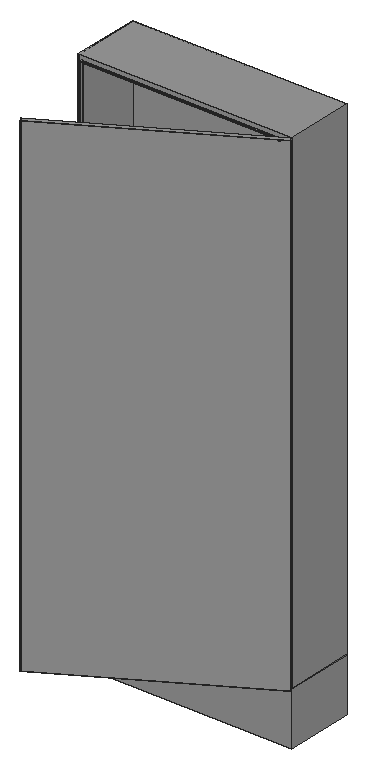
Revit family "Hager-Univers-IP55-D275-H2050-Cl.II-Steel_encl-NoHosted-PT-pt", category Electrical Equipment, Revit 2020
Family settings
  Panel Configuration = Two Columns, Circuits Across
  Round Connector Dimension = Use Diameter
  Part Type = Panelboard
  Work Plane-Based = Yes
  Always vertical = Yes
  Cut with Voids When Loaded = No
  Shared = No
  Room Calculation Point = No
Parameters (values of type "Instalação de piso IP55 L800 A2050 P275  - FR23S2")
  Width Control [instance] = if([EF000008 - Largura] > Min Width, [EF000008 - Largura], Min Width)  # 800 mm
  Type Comments = [HG000003 - Gama]  # "Univers"
  Thickness Door [instance] = if([EF009171 - Espessura do material da porta/tampa] > 3 mm, 3 mm, [EF009171 - Espessura do material da porta/tampa])  # 1.5 mm
  Seal Frame Offset [instance] = 17 mm  # constant formula
  Plinth Visibility [instance] = [HG000027 - Altura da Plinta] > 0 mm  # yes
  Min Width [instance] = 100 mm  # constant formula
  Min Depth [instance] = (2 * [EF009170 - Espessura do material do invólucro]) + 1 mm  # 4 mm
  Min Height [instance] = 100 mm  # constant formula
  Internal Frame Depth [instance] = (Door System Depth * 0.5)  # 9 mm
  Panel Name [instance] = ""  # (empty or 0)
  Model = ""
  HG000027 - Altura da Plinta = 200 mm
  HG000026 - Instalação no chão = yes
  HG000024 - Altura da secção inferior = 600 mm
  HG000023 - Recinto de secção dupla = no
  HG000016 - Visibilidade da porta 3D [instance] = yes
  HG000015 - Visibilidade através da porta [instance] = no
  HG000014 - Porta à direita [instance] = yes
  HG000013 - Porta à esquerda [instance] = not([HG000014 - Porta à direita])  # no
  HG000012 - Ângulo de abertura de porta [instance] = 30.00°
  HG000010 - Portas assimétricas = no
  HG000009 - Porta dupla = no
  HG000006 - Encastrado = no
  HG000004 - Referência do Fabricante = "FR23S2"
  HG000003 - Gama = "Univers"
  HG000002 - Com porta ou tampa = yes
  Frame Offset Bottom [instance] = 10 mm  # constant formula
  Frame Offset [instance] = 15 mm  # constant formula
  EF015940 - Tampa com libertação de sobrepressão = no
  EF011959 - Grau de proteção (NEMA) = ""
  EF009554 - Número de aberturas para placas de flange = 6
  EF009212 - Tipo de tampa = "EV000116 - Fechado"
  EF009171 - Espessura do material da porta/tampa = 1.5 mm
  EF009170 - Espessura do material do invólucro = 1.5 mm
  EF008873 - Corrente nominal (In) = 800 A
  EF007800 - Adequado para proteção contra raios = no
  EF006306 - Com fecho = no
  EF006244 - Tampa/porta transparente = no
  EF005474 - Grau de proteção (IP) = "EV006420 - IP55"
  EF004464 - Tipo de porta = "EV002646 - Único"
  EF004427 - Número de módulos = 432
  EF004293 - Força de impacto = "EV008784 - IK10"
  EF003532 - Adequado para uso no exterior = no
  EF002950 - Largura em número de módulos = 24
  EF001613 - Integridade do circuito = "EV000494 - Nenhum"
  EF001596 - Material do corpo = "EV000179 - Aço"
  EF001131 - Profundidade interior = 275 mm
  EF001088 - Extensão possível = yes
  EF000437 - Número de entradas de condutores = 6
  EF000339 - Tipo de difusor = "EV004216 - Porta"
  EF000266 - Número de linhas = 12
  EF000218 - Profundidade incorporada = 0 mm
  EF000118 - Com tampa de montagem = no
  EF000116 - Número RAL = "7035"
  EF000049 - Profundidade = 275 mm
  EF000040 - Altura = 2050 mm
  EF000008 - Largura = 800 mm
  EF000007 - Cor = "EV000270 - Cinzento"
  EF000003 - Método de montagem = "EV012274 - Instalação de piso"
  Door System Leaf Tolerance [instance] = 1.5 mm  # constant formula
  Door System Depth [instance] = 18 mm  # constant formula
  Door Height [instance] = Height Control - [HG000027 - Altura da Plinta]  # 1850 mm
  Description = ""
  Default Elevation = 1219.2 mm
  Connector Offset [instance] = Height Control / 2  # 1025 mm
  Manufacturer = "Hager"  # constant formula
  Height Control [instance] = if([EF000040 - Altura] > Min Height, [EF000040 - Altura], Min Height)  # 2050 mm
  Depth Control [instance] = if([EF000049 - Profundidade] > Min Depth, [EF000049 - Profundidade], Min Depth)  # 275 mm
  Bottom Top Plate Trim [instance] = 1.5 mm  # constant formula
  Plinth height Ctrl [instance] = if([HG000027 - Altura da Plinta] > 0 mm, [HG000027 - Altura da Plinta], 12 mm)  # 200 mm
Types (11, lengths in mm): name | Width Control | HG000010 - Portas assimétricas | HG000009 - Porta dupla | HG000004 - Referência do Fabricante | EF009554 - Número de aberturas para placas de flange | EF006244 - Tampa/porta transparente | EF004464 - Tipo de porta | EF004427 - Número de módulos | EF000437 - Número de entradas de condutores | EF000008 - Largura
  Instalação de piso IP55 L1050 A2050 P275  - FR24L2 | 1050 | yes | yes | "FR24L2" | 8 | yes | "EV003602 - Duplo" | 576 | 8 | 1050
  Instalação de piso IP55 L1050 A2050 P275  - FR24S2 | 1050 | yes | yes | "FR24S2" | 8 | no | "EV003602 - Duplo" | 576 | 8 | 1050
  Instalação de piso IP55 L1300 A2050 P275  - FR25L2 | 1300 | yes | yes | "FR25L2" | 10 | yes | "EV003602 - Duplo" | 720 | 10 | 1300
  Instalação de piso IP55 L1300 A2050 P275  - FR25S2 | 1300 | yes | yes | "FR25S2" | 10 | no | "EV003602 - Duplo" | 720 | 10 | 1300
  Instalação de piso IP55 L1550 A2050 P275  - FR26L2 | 1550 | yes | yes | "FR26L2" | 12 | yes | "EV003602 - Duplo" | 864 | 12 | 1550
  Instalação de piso IP55 L1550 A2050 P275  - FR26S2 | 1550 | yes | yes | "FR26S2" | 12 | no | "EV003602 - Duplo" | 864 | 12 | 1550
  Instalação de piso IP55 L300 A2050 P275  - FR21S2 | 300 | no | no | "FR21S2" | 2 | no | "EV002646 - Único" | 144 | 2 | 300
  Instalação de piso IP55 L550 A2050 P275  - FR22L2 | 550 | no | no | "FR22L2" | 4 | yes | "EV002646 - Único" | 288 | 4 | 550
  Instalação de piso IP55 L550 A2050 P275  - FR22S2 | 550 | no | no | "FR22S2" | 4 | no | "EV002646 - Único" | 288 | 4 | 550
  Instalação de piso IP55 L800 A2050 P275  - FR23L2 | 800 | no | no | "FR23L2" | 6 | yes | "EV002646 - Único" | 432 | 6 | 800
  Instalação de piso IP55 L800 A2050 P275  - FR23S2 | 800 | no | no | "FR23S2" | 6 | no | "EV002646 - Único" | 432 | 6 | 800
Reference planes
  plane 1 "Center (Front/Back)": y = 0
  plane 2: z = 0
  plane 3 "Center (Left/Right)": x = 0
  plane 4: y = 0
  plane 5: y = 0
  plane 6: z = 0
  plane 7: x = -400
  plane 8: x = 400
  plane 9: x = 398.5
  plane 10: x = -398.5
  plane 11: z = 200
  plane 12: z = 201.5
  plane 13: y = -275
  plane 14: y = -1.5
  plane 15: x = 0
  plane 16: y = -257
  plane 17: y = -273.5
  plane 18: y = -255.5
  plane 19: x = -383.5
  plane 20: x = 383.5
  plane 21: z = 211.5
  plane 22: x = -383
  plane 23: x = 383
  plane 24: z = 200
  plane 25: z = 2050
  plane 26: z = 2050
  plane 27: z = 2033.5
  plane 28: z = 2048.5
Forms (mm)
  Extrusion 1, solid, material "Hager_Steel_RAL7035_Light_Grey", detail levels medium+fine
    sketch origin (-208.679, -4572, 200) x (-1, 0, 0) y (0, -1, 0)
      loop
        line (191.321, -4315) -> (-608.679, -4315) -> (-608.679, -4572) -> (191.321, -4572) -> (191.321, -4315)
    from 0 to 1850
  Extrusion 2, void
    sketch origin (-350.771, -275, 1219.2) x (1, 0, 0) y (0, 0, 1)
      loop
        line (-47.729, 829.3) -> (-47.729, -1017.7) -> (749.271, -1017.7) -> (749.271, 829.3) -> (-47.729, 829.3)
    from -19.5 to -273.5
  Extrusion 3, void
    sketch origin (-290.084, -257, 1219.2) x (1, 0, 0) y (0, 0, 1)
      loop
        line (-93.416, -1007.7) -> (673.584, -1007.7) -> (673.584, 814.3) -> (-93.416, 814.3) -> (-93.416, -1007.7)
    from 0 to -1.5
  Extrusion 4, solid, material "Hager_Steel_RAL7035_Light_Grey", visible <- "Plinth Visibility", detail levels medium+fine
    sketch origin (0, 0, 0) x (1, 0, 0) y (0, 1, 0)
      loop
        line (-400, 0) -> (-400, -257) -> (400, -257) -> (400, 0) -> (-400, 0)
    from 0 to 200 <- "Plinth height Ctrl"
  Extrusion 5, solid, material "Hager_Steel_RAL7035_Light_Grey", detail levels coarse
    sketch origin (0, 0, 0) x (1, 0, 0) y (0, 1, 0)
      loop
        line (-400, 0) -> (-400, -275) -> (400, -275) -> (400, 0) -> (-400, 0)
    from 0 to 2050 <- "Height Control"
  Sweep 6, void
    path in 3D
      loop
        line (-400, -257, 200) -> (400, -257, 200) -> (400, 0, 200) -> (-400, 0, 200) -> (-400, -257, 200)
    profile origin (-400, -128.5, 200) x (1, 0, 0) y (0, 0, 1)
      loop
        line (0, 0) -> (0, -1.5) -> (1.5, -1.5)
        arc (1.5, -1.5) -> (1.061, -0.439) -> (0, 0) r 1.5
  Extrusion 7, solid, material "Hager_Steel_RAL7035_Light_Grey", detail levels fine
    sketch origin (-400, -257, 200) x (1, 0, 0) y (0, 0, 1)
      loop
        line (16.5, 11.5) -> (783.5, 11.5) -> (783.5, 1833.5) -> (16.5, 1833.5) -> (16.5, 11.5)
      loop
        line (15, 10) -> (785, 10) -> (785, 1835) -> (15, 1835) -> (15, 10)
    from 0 to 9 <- "Internal Frame Depth"
Cuts and joins
  Extrusion 2, Extrusion 3 cuts Extrusion 1
  Sweep 6 cuts Extrusion 4
Lines and regions (mm)
  Masking region 1
    outline origin (0, 0, 0) x (1, 0, 0) y (0, 1, 0)
      loop
        line (-400, 0) -> (-400, -275) -> (400, -275) -> (400, 0) -> (-400, 0)
  Masking region 2, detail levels coarse
    outline origin (-290.084, -257, 1219.2) x (-1, 0, 0) y (0, 0, 1)
      loop
        line (-690.084, -1219.2) -> (109.916, -1219.2) -> (109.916, 830.8) -> (-690.084, 830.8) -> (-690.084, -1219.2)
  Masking region 3, detail levels coarse
    outline origin (0, 0, 0) x (0, 1, 0) y (0, 0, 1)
      loop
        line (0, 0) -> (0, 2050) -> (-275, 2050) -> (-275, 0) -> (0, 0)
  Masking region 4, visible <- "Plinth Visibility", detail levels medium+fine
    outline origin (0, 0, 0) x (0, 1, 0) y (0, 0, 1)
      loop
        line (-1.5, 200) -> (-255.5, 200)
        arc (-255.5, 200) -> (-255.939, 198.939) -> (-257, 198.5) r 1.5
        line (-257, 198.5) -> (-257, 0) -> (0, 0) -> (0, 198.5)
        arc (0, 198.5) -> (-1.061, 198.939) -> (-1.5, 200) r 1.5
  Masking region 5, detail levels medium+fine
    outline origin (0, 0, 594.038) x (0, 1, 0) y (0, 0, 1)
      loop
        line (0, -394.038) -> (0, 1455.962) -> (-257, 1455.962) -> (-257, -394.038) -> (0, -394.038)
  Masking region 6, detail levels medium+fine
    outline origin (-359.7, -257, 1211.883) x (-1, 0, 0) y (0, 0, 1)
      loop
        line (-759.7, -1011.883) -> (40.3, -1011.883) -> (40.3, 838.117) -> (-759.7, 838.117) -> (-759.7, -1011.883)
  Masking region 7, visible <- "Plinth Visibility", detail levels medium+fine
    outline origin (-320.334, -257, 1041.368) x (-1, 0, 0) y (0, 0, 1)
      loop
        line (-720.334, -1041.368) -> (79.666, -1041.368) -> (79.666, -842.868)
        arc (79.666, -842.868) -> (78.606, -842.429) -> (78.166, -841.368) r 1.5
        line (78.166, -841.368) -> (-718.834, -841.368)
        arc (-718.834, -841.368) -> (-719.273, -842.429) -> (-720.334, -842.868) r 1.5
        line (-720.334, -842.868) -> (-720.334, -1041.368)
  sketch lines
    curve 1: line (-400, 0, 200) -> (-400, -257, 200)
    curve 2: line (-400, -257, 200) -> (400, -257, 200)
    curve 3: line (400, 0, 200) -> (-400, 0, 200)
    curve 4: line (400, -257, 200) -> (400, 0, 200)
Dimensions and locks
  locked: plane 1 "Center (Front/Back)" to plane 5
  "EF009170 - Espessura do material do invólucro": plane 7 to plane 10
  "EF009170 - Espessura do material do invólucro": plane 8 to plane 9
  equal spacing: plane 7, plane 3 "Center (Left/Right)", plane 8
  "Width Control": plane 7 to plane 8
  "Depth Control": plane 4 to plane 13
  "EF009170 - Espessura do material do invólucro": plane 4 to plane 14
  "Height Control": plane 25 to level
  "HG000027 - Altura da Plinta": plane 11 to level
  "EF009170 - Espessura do material do invólucro": plane 12 to plane 11
  "EF009170 - Espessura do material do invólucro": plane 17 to plane 13
  "EF009170 - Espessura do material do invólucro": plane 18 to plane 16
  "Frame Offset Bottom": plane 21 to plane 12
  "Frame Offset": plane 10 to plane 19
  "Frame Offset": plane 9 to plane 20
  "Door System Depth": plane 16 to plane 13
  "Seal Frame Offset": plane 7 to plane 22
  "Seal Frame Offset": plane 8 to plane 23
  "EF009170 - Espessura do material do invólucro": plane 26 to plane 28
  "Frame Offset": plane 28 to plane 27
  "Connector Offset": plane 2 to connector elem
  "Bottom Top Plate Trim": profile plane to Sweep 6 sketch curve
  "Bottom Top Plate Trim": Sweep 6 sketch curve to Sweep 6 sketch curve
  "Plinth height Ctrl": Masking region 4 sketch curve to level
  "Plinth height Ctrl": Masking region 7 sketch curve to level
  "Thickness Door": Extrusion 7 sketch curve to Extrusion 7 sketch curve  (x4)
  "Bottom Top Plate Trim": radius of Sweep 6 sketch curve
  "Bottom Top Plate Trim": radius of Masking region 4 sketch curve  (x2)
  "Bottom Top Plate Trim": radius of Masking region 7 sketch curve  (x2)
  aligned and locked: Extrusion 2 sketch curve to plane 12
  aligned and locked: Extrusion 2 sketch curve to plane 9
  aligned and locked: Extrusion 2 sketch curve to plane 10
  aligned and locked: Extrusion 2 to plane 14
  aligned and locked: Extrusion 1 sketch curve to plane 4
  aligned and locked: plane 8 to Extrusion 1 sketch curve
  aligned and locked: plane 7 to Extrusion 1 sketch curve
  aligned and locked: Extrusion 2 to plane 18
  aligned and locked: Extrusion 3 sketch curve to plane 19
  aligned and locked: plane 20 to Extrusion 3 sketch curve
  aligned and locked: Extrusion 3 to Extrusion 2
  aligned and locked: Extrusion 3 sketch curve to plane 21
  aligned and locked: plane 3 "Center (Left/Right)" to nested 1
  aligned and locked: Extrusion 1 sketch curve to plane 16
  aligned and locked: Extrusion 4 sketch curve to cut or joined group of Extrusion 1, Extrusion 2, Extrusion 3
  aligned and locked: Masking region 1 sketch curve to plane 7
  aligned and locked: Masking region 1 sketch curve to plane 5
  aligned and locked: Masking region 1 sketch curve to plane 8
  aligned and locked: Masking region 2 sketch curve to level
  aligned and locked: level to Masking region 3 sketch curve
  aligned and locked: plane 1 "Center (Front/Back)" to Masking region 3 sketch curve
  aligned and locked: plane 13 to Masking region 3 sketch curve
  aligned and locked: plane 5 to Masking region 4 sketch curve
  aligned and locked: Masking region 2 sketch curve to plane 8
  aligned and locked: Masking region 2 sketch curve to plane 7
  aligned and locked: plane 7 to nested 2
  aligned and locked: nested 2 to plane 5
  aligned and locked: plane 5 to Masking region 5 sketch curve
  aligned and locked: plane 26 to Masking region 5 sketch curve
  aligned and locked: Extrusion 5 sketch curve to plane 8
  aligned and locked: Extrusion 5 sketch curve to plane 7
  aligned and locked: Extrusion 5 sketch curve to plane 5
  aligned and locked: Extrusion 3 sketch curve to plane 27
  aligned and locked: Extrusion 2 sketch curve to plane 28
  aligned and locked: Masking region 2 to plane 25
  aligned and locked: Extrusion 4 to plane 16
  aligned and locked: profile plane to Sweep 6 sketch curve
  aligned and locked: Masking region 5 sketch curve to plane 24
  aligned and locked: level to Masking region 4 sketch curve
  aligned and locked: Masking region 1 to plane 13
  aligned and locked: nested 1 to plane 16
  aligned and locked: Masking region 3 to plane 25
  aligned and locked: plane 16 to Masking region 4 sketch curve
  aligned and locked: Masking region 5 sketch curve to plane 16
  aligned and locked: plane 24 to plane 11
  aligned and locked: plane 26 to plane 25
  aligned and locked: plane 26 to cut or joined group of Extrusion 1, Extrusion 2, Extrusion 3
  aligned and locked: nested 1 to plane 24
  aligned and locked: Extrusion 1 to Extrusion 3
  aligned and locked: Masking region 6 sketch curve to plane 8
  aligned and locked: Masking region 6 sketch curve to plane 24
  aligned and locked: Masking region 6 sketch curve to plane 7
  aligned and locked: Masking region 6 sketch curve to plane 26
  aligned and locked: Masking region 7 sketch curve to plane 7
  aligned and locked: level to Masking region 7 sketch curve
  aligned and locked: Masking region 7 sketch curve to plane 8
  aligned and locked: Extrusion 7 sketch curve to cut or joined group of Extrusion 1, Extrusion 2, Extrusion 3  (x4)
Automatic sketch dimensions
  plane 19 to Extrusion 3 sketch curve = 0 mm
  Extrusion 3 sketch curve to plane 20 = 0 mm
  Extrusion 3 sketch curve to plane 21 = 0 mm
  Extrusion 4 sketch curve to plane 7 = 0 mm
  Extrusion 4 sketch curve to plane 8 = 0 mm
  Extrusion 4 sketch curve to plane 16 = 0 mm
  Masking region 1 sketch curve to plane 13 = 0 mm
  Masking region 2 sketch curve to plane 25 = 0 mm
  Masking region 3 sketch curve to plane 25 = 0 mm
  Extrusion 5 sketch curve to plane 13 = 0 mm
  profile plane to Sweep 6 sketch curve = 0 mm
Nested families
  nested 1: "EC000058_Univers_Door" at (0, -257, 200), Double <- "HG000009 - Porta dupla", Transparent <- "EF006244 - Tampa/porta transparente", Angle <- "HG000012 - Ângulo de abertura de porta", Door_Right <- "HG000014 - Porta à direita", Assymetrical <- "HG000010 - Portas assimétricas", Door <- "HG000002 - Com porta ou tampa", Width_Ctrl <- "Width Control", 3d_Door <- "HG000016 - Visibilidade da porta 3D", Clearance <- "HG000015 - Visibilidade através da porta", Door_Left <- "HG000013 - Porta à esquerda", Width <- "Width Control", Door_Depth <- "Door System Depth", Leaf_Tolerance <- "Door System Leaf Tolerance", Height <- "Door Height", Lock_Visibility <- "EF006306 - Com fecho", Thickness <- "Thickness Door", type "EC000058_Univers_Door", detail levels medium+fine
    with min_wh 4 mm, Width_Ctrl 800 mm, Width 800 mm, Transparent no, Thickness 1.5 mm, Seal_Material Hager_Rubber, Lock_Visibility no, Lock_Material Hager_Plastic_RAL9005_Jet_Black, Leaf_Width 800 mm, Leaf_Tolerance_External_Sides 0 mm, Leaf_Tolerance 1.5 mm, Leaf_Offset 0 mm, Leaf_Height 1847 mm, Leaf_2_Width 800 mm, Leaf_2_Offset 400 mm, Leaf_1_Width 800 mm, Leaf_1_Offset 400 mm, Height_Ctrl 1850 mm, Height 1850 mm, Glass_Material Hager_Glass, Double_Clearance_Ctrl no, Double no, Door_Right_Ctrl yes, Door_Right yes, Door_Material Hager_Steel_RAL7035_Light_Grey, Door_Left_Ctrl no, Door_Left no, Door_Depth 18 mm, Door yes, Clearance_Material Hager_Clearance, Clearance_Depth 800 mm, Clearance_Ctrl no, Clearance no, Assymetrical no, Angle 30.00°, 3d_Door yes
  nested 2: "Hager_Enclosure_Symbol" at (-400, 0, 0), Height <- "Depth Control", Width <- "Width Control", type "Hager_Enclosure_Symbol"
    with Width_Ctrl 800 mm, Width 800 mm, Height_Ctrl 275 mm, Height 275 mm, A_Width_Int 18.047 mm, A_Width 216.562 mm, A_Height_Ctrl 240.625 mm, A_Height 240.625 mm
Connectors
  electrical at (0, 0, 1025)
    settings: on plane 1 "Center (Front/Back)", index 1, voltage 0 V, apparent load 0 VA, apparent load phase1 0 VA, apparent load phase2 0 VA, apparent load phase3 0 VA, power factor 1, load classification "Other", number of poles 1, system type 30, power factor state 1, is connector primary yes, connector utility no, sub classification motor no, connector description ""
Definition of nested family "EC000058_Univers_Door"
  Parameters (values of type "EC000058_Univers_Door")
    min_wh [instance] = (2 * Thickness) + 1 mm  # 11 mm
    Width_Ctrl [instance] = 400 mm
    Width [instance] = 500 mm
    Transparent [instance] = yes
    Thickness [instance] = 5 mm
    Seal_Material [instance] = none
    Lock_Visibility [instance] = yes
    Lock_Material [instance] = none
    Leaf_Width [instance] = if((Width_Ctrl - 2 * Leaf_Tolerance_External_Sides) > 0 mm, (Width_Ctrl - 2 * Leaf_Tolerance_External_Sides), min_wh)  # 400 mm
    Leaf_Tolerance_External_Sides [instance] = 0 mm  # constant formula
    Leaf_Tolerance [instance] = 1.5 mm
    Leaf_Offset [instance] = 0 mm  # constant formula
    Leaf_Height [instance] = if((Height_Ctrl - 2 * Leaf_Tolerance) > 0 mm, (Height_Ctrl - 2 * Leaf_Tolerance), min_wh)  # 497 mm
    Leaf_2_Width [instance] = if(and(and(Double, Assymetrical), Door_Left), (Leaf_Width / 3) - (Leaf_Tolerance / 2), if(and(and(Double, Assymetrical), Door_Right), (Leaf_Width / 3) * 2 - (Leaf_Tolerance / 2), if(and(Double, not(Assymetrical)), (Leaf_Width / 2) - Leaf_Tolerance, Leaf_Width)))  # 400 mm
    Leaf_2_Offset [instance] = if(and(Double, Assymetrical), Leaf_2_Width / 2, if(and(Double, not(Assymetrical)), Leaf_Width / 4, Leaf_Width / 2))  # 200 mm
    Leaf_1_Width [instance] = if(and(and(Double, Assymetrical), Door_Right), (Leaf_Width / 3) - (Leaf_Tolerance / 2), if(and(and(Double, Assymetrical), Door_Left), (Width / 3) * 2 - (Leaf_Tolerance / 2), if(and(Double, not(Assymetrical)), (Leaf_Width / 2) - Leaf_Tolerance, Leaf_Width)))  # 400 mm
    Leaf_1_Offset [instance] = if(and(Double, Assymetrical), Leaf_1_Width / 2, if(and(Double, not(Assymetrical)), Leaf_Width / 4, Leaf_Width / 2))  # 200 mm
    Height_Ctrl [instance] = if(Height > min_wh, Height, min_wh)  # 500 mm
    Height [instance] = 500 mm
    Glass_Material [instance] = none
    Double_Clearance_Ctrl [instance] = and(Double, Clearance)  # no
    Double [instance] = no
    Door_Right_Ctrl [instance] = and(or(Door_Right, Double), Door)  # yes
    Door_Right [instance] = yes
    Door_Material [instance] = none
    Door_Left_Ctrl [instance] = and(or(Door_Left, Double), Door)  # no
    Door_Left [instance] = no
    Door_Depth [instance] = 30 mm
    Door [instance] = yes
    Default Elevation = 1219.2 mm
    Clearance_Material [instance] = none
    Clearance_Depth [instance] = if(Leaf_1_Width > Leaf_2_Width, Leaf_1_Width, Leaf_2_Width)  # 400 mm
    Clearance_Ctrl [instance] = and(not(Double), Clearance)  # yes
    Clearance [instance] = yes
    Assymetrical [instance] = yes
    Angle [instance] = 30.00°
    3d_Door [instance] = yes
  Reference planes
    plane 1 "Center (Front/Back)": y = 0
    plane 2 "Bottom": z = 0
    plane 3 "Center (Left/Right)": x = 0
    plane 4: z = 500
    plane 5: x = -200
    plane 6: x = 200
    plane 7: z = 500
    plane 8: x = -200
    plane 9: z = 0
    plane 10: x = 200
    plane 11: y = 0
    plane 12: z = 1.5
    plane 13: x = -600
    plane 14: y = -400
    plane 15: x = 600
    plane 16: x = 0
    plane 17: x = 0
    plane 18: x = -200
    plane 19: x = 200
    plane 20: z = 498.5
  Forms (mm)
    Extrusion 1, solid, material <- "Clearance_Material", visible <- "Double_Clearance_Ctrl"
      sketch origin (1200, 0, 0) x (1, 0, 0) y (0, 0, -1)
        loop
          line (-1800, -498.5) -> (-600, -498.5) -> (-600, 0) -> (-1800, 0) -> (-1800, -498.5)
      from 0 to -400
  Dimensions and locks
    equal spacing: plane 5, plane 3 "Center (Left/Right)", plane 6
    "Width_Ctrl": plane 5 to plane 6
    "Leaf_Offset": plane 5 to plane 8
    "Leaf_Offset": plane 6 to plane 10
    "Leaf_Offset": plane 9 to level
    "Leaf_Offset": plane 4 to plane 7
    "Height_Ctrl": plane 4 to level
    "Leaf_Tolerance": plane 12 to plane 9
    locked: plane 11 to plane 1 "Center (Front/Back)"
    "Leaf_1_Offset": plane 18 to plane 16
    "Leaf_2_Offset": plane 17 to plane 19
    "Leaf_1_Width": plane 13 to plane 8
    "Leaf_2_Width": plane 10 to plane 15
    "Clearance_Depth": plane 14 to plane 1 "Center (Front/Back)"
    "Leaf_Tolerance_External_Sides": plane 8 to plane 18
    "Leaf_Tolerance_External_Sides": plane 19 to plane 10
    "Leaf_Tolerance": plane 7 to plane 20
    aligned and locked: level to plane 2 "Bottom"
    aligned and locked: nested 1 to plane 16
    aligned and locked: nested 2 to plane 17
    aligned and locked: Extrusion 1 to plane 13
    aligned and locked: plane 15 to Extrusion 1
    aligned and locked: Extrusion 1 to plane 14
    aligned and locked: plane 12 to nested 1
    aligned and locked: nested 2 to plane 12
    aligned and locked: Extrusion 1 to plane 11
    aligned and locked: plane 20 to Extrusion 1
    aligned and locked: nested 2 to plane 11
    aligned and locked: nested 1 to plane 11
  Automatic sketch dimensions
    Extrusion 1 sketch curve to level = 0 mm
    plane 5 to Extrusion 1 sketch curve = 400 mm
    plane 6 to Extrusion 1 sketch curve = 400 mm
    Extrusion 1 sketch curve to plane 4 = 1.5 mm
  Nested families
    nested 1: "EC000058_Univers_Door_Leaf" at (0, 0, 1.5), Width <- "Leaf_1_Width", visible <- "Door_Left_Ctrl", Leaf_Height <- "Leaf_Height", Angle <- "Angle", 3d_Door <- "3d_Door", Transparent <- "Transparent", Clearance Material <- "Clearance_Material", Clearance <- "Clearance_Ctrl", Door_Material <- "Door_Material", Glass_Material <- "Glass_Material", Door_Depth <- "Door_Depth", Lock_Material <- "Lock_Material", Seal_Material <- "Seal_Material", Lock_Visibility <- "Lock_Visibility", Thickness <- "Thickness", type "EC000058_Univers_Door_Leaf"
      with Width 400 mm, Transparent_Glass_Offset 30 mm, Transparent_Ctrl yes, Transparent yes, Thickness 5 mm, Standard no, Seal_Material none, Seal_D2 8 mm, Seal_D1 1 mm, Offset_Internal_Frame 10 mm, Lock_Width 20 mm, Lock_Visibility_3d yes, Lock_Visibility yes, Lock_Thickness_3 3 mm, Lock_Thickness_2 1 mm, Lock_Thickness_1 3 mm, Lock_Radius_Offset_2 16 mm, Lock_Radius_Offset_1 15 mm, Lock_Radius_2 5 mm, Lock_Radius 6 mm, Lock_Offset 5 mm, Lock_Material none, Lock_Height 80 mm, Lock_Cover_Top_Offset_2d 17 mm, Lock_Cover_Height -65 mm, Leaf_Height 497 mm, Internal_Seal_Thickness 8 mm, Internal_Seal_Depth_2 4.5 mm, Internal_Frame_Depth 25 mm, Glass_Thickness -1 mm, Glass_Offset -2 mm, Glass_Material none, Door_Material none, Door_Depth 30 mm, Clearance Material none, Clearance yes, Angle_Ctrl 30.00°, Angle 30.00°, 3d_Door yes
    nested 2: "EC000058_Univers_Door_Leaf" at (0, 0, 1.5) x (-1, 0, 0) z (0, 0, 1), Width <- "Leaf_2_Width", visible <- "Door_Right_Ctrl", Leaf_Height <- "Leaf_Height", Angle <- "Angle", 3d_Door <- "3d_Door", Transparent <- "Transparent", Clearance Material <- "Clearance_Material", Clearance <- "Clearance_Ctrl", Door_Material <- "Door_Material", Glass_Material <- "Glass_Material", Door_Depth <- "Door_Depth", Lock_Material <- "Lock_Material", Seal_Material <- "Seal_Material", Lock_Visibility <- "Lock_Visibility", Thickness <- "Thickness", type "EC000058_Univers_Door_Leaf"
      with Width 400 mm, Transparent_Glass_Offset 30 mm, Transparent_Ctrl yes, Transparent yes, Thickness 5 mm, Standard no, Seal_Material none, Seal_D2 8 mm, Seal_D1 1 mm, Offset_Internal_Frame 10 mm, Lock_Width 20 mm, Lock_Visibility_3d yes, Lock_Visibility yes, Lock_Thickness_3 3 mm, Lock_Thickness_2 1 mm, Lock_Thickness_1 3 mm, Lock_Radius_Offset_2 16 mm, Lock_Radius_Offset_1 15 mm, Lock_Radius_2 5 mm, Lock_Radius 6 mm, Lock_Offset 5 mm, Lock_Material none, Lock_Height 80 mm, Lock_Cover_Top_Offset_2d 17 mm, Lock_Cover_Height -65 mm, Leaf_Height 497 mm, Internal_Seal_Thickness 8 mm, Internal_Seal_Depth_2 4.5 mm, Internal_Frame_Depth 25 mm, Glass_Thickness -1 mm, Glass_Offset -2 mm, Glass_Material none, Door_Material none, Door_Depth 30 mm, Clearance Material none, Clearance yes, Angle_Ctrl 30.00°, Angle 30.00°, 3d_Door yes
  Definition of nested family "EC000058_Univers_Door_Leaf"
    Parameters (values of type "EC000058_Univers_Door_Leaf")
      Width [instance] = 2000 mm
      Transparent_Glass_Offset [instance] = 30 mm
      Transparent_Ctrl [instance] = and(Transparent, [3d_Door])  # yes
      Transparent [instance] = yes
      Thickness [instance] = 5 mm
      Standard [instance] = and(not(Transparent), [3d_Door])  # no
      Seal_Material [instance] = none
      Seal_D2 [instance] = 8 mm  # constant formula
      Seal_D1 [instance] = 1 mm  # constant formula
      Offset_Internal_Frame [instance] = 10 mm  # constant formula
      Lock_Width [instance] = 20 mm  # constant formula
      Lock_Visibility_3d [instance] = and(Lock_Visibility, [3d_Door])  # yes
      Lock_Visibility [instance] = yes
      Lock_Thickness_3 [instance] = 3 mm  # constant formula
      Lock_Thickness_2 [instance] = 1 mm  # constant formula
      Lock_Thickness_1 [instance] = 3 mm  # constant formula
      Lock_Radius_Offset_2 [instance] = Lock_Radius_Offset_1 + 1 mm  # 16 mm
      Lock_Radius_Offset_1 [instance] = 15 mm  # constant formula
      Lock_Radius_2 [instance] = Lock_Radius - 1 mm  # 5 mm
      Lock_Radius [instance] = 6 mm  # constant formula
      Lock_Offset [instance] = 5 mm  # constant formula
      Lock_Material [instance] = none
      Lock_Height [instance] = 80 mm  # constant formula
      Lock_Cover_Top_Offset_2d [instance] = Lock_Radius_Offset_2 + 1 mm  # 17 mm
      Lock_Cover_Height [instance] = -(Lock_Height - Lock_Radius_Offset_1)  # -65 mm
      Leaf_Height [instance] = 2720.336 mm
      Internal_Seal_Thickness [instance] = 8 mm  # constant formula
      Internal_Seal_Depth_2 [instance] = 4.5 mm  # constant formula
      Internal_Frame_Depth [instance] = if(Door_Depth - Thickness > 5 mm, Door_Depth - Thickness, 5 mm)  # 25 mm
      Glass_Thickness [instance] = if(Thickness > 15 mm, Glass_Offset + 10 mm, -1 mm)  # -1 mm
      Glass_Offset [instance] = if(Thickness > 15 mm, -(Thickness + 10 mm) / 2, -2 mm)  # -2 mm
      Glass_Material [instance] = none
      Door_Material [instance] = none
      Door_Depth [instance] = 30 mm
      Default Elevation = 0 mm
      Clearance Material [instance] = none
      Clearance [instance] = yes
      Angle_Ctrl [instance] = if(Angle > 180.00°, 180.00°, Angle)  # 90.00°
      Angle [instance] = 90.00°
      3d_Door [instance] = yes
    Reference planes
      plane 1 "Center (Front/Back)": y = 0
      plane 2: z = 0
      plane 3 "Center (Left/Right)": x = 0
      plane 4: y = 2000
      plane 5: x = -1000
      plane 6: x = 1000
      plane 7: x = -3000
      plane 8: z = 2720.336
      plane 9: z = 30
      plane 10: z = 2690.336
      plane 11: x = 970
      plane 12: x = -970
      plane 13: y = -3
      plane 14: z = 107.833
      plane 15: y = -5
      plane 16: y = -223.314
      plane 17: x = -1000
      plane 18: z = 1360.168
      plane 19: y = 30
    Forms (mm)
      Extrusion 1, solid, material <- "Clearance Material", visible <- "Clearance"
        sketch origin (0, 0, 0) x (1, 0, 0) y (0, 0, 1)
          loop
            line (-3000, 2720.336) -> (-3000, 0) -> (1000, 0) -> (1000, 2720.336) -> (-3000, 2720.336)
        from 0 to -2000
      Extrusion 2, solid, material <- "Door_Material", visible <- "Standard", detail levels medium+fine
        sketch origin (-1000, 0, 0) x (0, 1, 0) y (-1, 0, 0)
          loop
            line (0, 30) -> (0, 25) -> (2000, 25) -> (2000, 30) -> (0, 30)
        from 0 to 2720.336 <- "Leaf_Height"
      Extrusion 3, solid, material <- "Door_Material", visible <- "Transparent_Ctrl", detail levels medium+fine
        sketch origin (-1000, 0, 0) x (0, 1, 0) y (-1, 0, 0)
          loop
            line (0, 25) -> (2000, 25) -> (2000, 30) -> (0, 30) -> (0, 25)
        from 0 to 2720.336 <- "Leaf_Height"
      Extrusion 4, void
        sketch origin (-1025, 2000, 0) x (0, 1, 0) y (0, 0, -1)
          loop
            line (-30, -2690.336) -> (-30, -30) -> (-1970, -30) -> (-1970, -2690.336) -> (-30, -2690.336)
        from 0 to 5 <- "Thickness"
      Sweep 5, solid, material <- "Seal_Material", visible <- "Transparent_Ctrl", detail levels fine
        path in 3D
          loop
            line (-1025, 30, 30) -> (-1025, 30, 2690.336) -> (-1025, 1970, 2690.336) -> (-1025, 1970, 30) -> (-1025, 30, 30)
        profile origin (-1025, 1000, 30) x (1, 0, 0) y (0, 0, 1)
          loop
            line (0, 0) -> (0, -8) -> (1, -8) -> (1, 0) -> (0, 0)
      Extrusion 6, solid, material <- "Glass_Material", visible <- "Transparent_Ctrl", detail levels medium+fine
        sketch origin (-1030, 0, 0) x (0, 1, 0) y (0, 0, -1)
          loop
            line (1970, -2690.336) -> (1970, -30) -> (30, -30) -> (30, -2690.336) -> (1970, -2690.336)
        from -2 <- "Glass_Offset" to -1 <- "Glass_Thickness"
      Extrusion 7, solid, material <- "Door_Material", visible <- "3d_Door", detail levels medium+fine
        sketch origin (-1025, 2000, 0) x (0, -1, 0) y (0, 0, -1)
          loop
            line (0, -2720.336) -> (2000, -2720.336) -> (2000, 0) -> (0, 0) -> (0, -2720.336)
          loop
            line (1995, -5) -> (5, -5) -> (5, -2715.336) -> (1995, -2715.336) -> (1995, -5)
        from 0 to 25 <- "Internal_Frame_Depth"
      Sweep 8, solid, material <- "Seal_Material", visible <- "Transparent_Ctrl", detail levels fine
        path in 3D
          loop
            line (-1025, 0, 0) -> (-1025, 2000, 0) -> (-1025, 2000, 2720.336) -> (-1025, 0, 2720.336) -> (-1025, 0, 0)
        profile origin (-1025, 0, 1360.168) x (1, 0, 0) y (0, 1, 0)
          loop
            line (0, 10) -> (2.975, 10)
            arc (2.975, 10) -> (4.053, 10.447) -> (4.5, 11.525) r 1.525
            line (4.5, 11.525) -> (4.5, 16.527)
            arc (4.5, 16.527) -> (4.069, 17.569) -> (3.027, 18) r 1.473
            line (3.027, 18) -> (0, 18) -> (0, 10)
      Extrusion 9, solid, material <- "Lock_Material", visible <- "Lock_Visibility_3d", detail levels fine
        sketch origin (-1030, 0, 0) x (0, 1, 0) y (0, 0, -1)
          loop
            arc (1993.5, -1400.168) -> (1994.561, -1399.729) -> (1995, -1398.668) r 1.5
            line (1995, -1398.668) -> (1995, -1320.168) -> (1975, -1320.168) -> (1975, -1398.668)
            arc (1975, -1398.668) -> (1975.439, -1399.729) -> (1976.5, -1400.168) r 1.5
            line (1976.5, -1400.168) -> (1993.5, -1400.168)
        from 3 <- "Lock_Thickness_1" to 0
      Blend 10, solid, material <- "Lock_Material", visible <- "Lock_Visibility_3d", detail levels fine
        base sketch origin (-1033, 0, 0) x (0, 1, 0) y (0, 0, -1)
          loop
            line (1975, -1320.168) -> (1975, -1398.668)
            arc (1975, -1398.668) -> (1975.439, -1399.729) -> (1976.5, -1400.168) r 1.5
            line (1976.5, -1400.168) -> (1993.5, -1400.168)
            arc (1993.5, -1400.168) -> (1994.561, -1399.729) -> (1995, -1398.668) r 1.5
            line (1995, -1398.668) -> (1995, -1320.168) -> (1975, -1320.168)
        top sketch origin (-1033, 0, 0) x (0, 1, 0) y (0, 0, -1)
          loop
            line (1976, -1320.168) -> (1976, -1398.668)
            arc (1976, -1398.668) -> (1976.146, -1399.022) -> (1976.5, -1399.168) r 0.5
            line (1976.5, -1399.168) -> (1993.5, -1399.168)
            arc (1993.5, -1399.168) -> (1993.854, -1399.022) -> (1994, -1398.668) r 0.5
            line (1994, -1398.668) -> (1994, -1320.168) -> (1976, -1320.168)
        from 0 to 1 <- "Lock_Thickness_2"
      Blend 11, solid, material <- "Lock_Material", visible <- "Lock_Visibility_3d", detail levels fine
        base sketch origin (-1034, 0, 0) x (0, 1, 0) y (0, 0, -1)
          loop
            line (1978, -1320.168) -> (1978, -1384.168)
            arc (1978, -1384.168) -> (1985, -1391.168) -> (1992, -1384.168) r 7
            line (1992, -1384.168) -> (1992, -1320.168) -> (1978, -1320.168)
        top sketch origin (-1034, 0, 0) x (0, 1, 0) y (0, 0, -1)
          loop
            line (1991, -1320.168) -> (1979, -1320.168) -> (1979, -1383.168)
            arc (1979, -1383.168) -> (1985, -1389.168) -> (1991, -1383.168) r 6
            line (1991, -1383.168) -> (1991, -1320.168)
        from 0 to 3 <- "Lock_Thickness_3"
      Extrusion 12, solid, material <- "Lock_Material", visible <- "Lock_Visibility_3d", detail levels fine
        sketch origin (-1030, 1975, 1320.168) x (1, 0, 0) y (0, -1, 0)
          loop
            line (-7, -19) -> (-7, -1) -> (0, -1) -> (0, 0) -> (-8, 0) -> (-8, -20) -> (0, -20) -> (0, -19) -> (-7, -19)
        from 0 to -65 <- "Lock_Cover_Height"
      Extrusion 13, void
        sketch origin (-1038, 1995, 1320.168) x (-1, 0, 0) y (0, 0, -1)
          loop
            line (-5, -65) -> (0, -65) -> (-5, -60) -> (-5, -65)
        from 0 to 20 <- "Lock_Width"
      Extrusion 14, void
        sketch origin (-1038, 1975, 1320.168) x (0, -1, 0) y (0, 0, -1)
          loop
            circle (-10, -15.995) r 6
          loop
            circle (-10, -15.995) r 5
        from 0 to 2
      Extrusion 15, solid, material <- "Lock_Material", visible <- "Lock_Visibility_3d", detail levels medium
        sketch origin (-1030, 0, 0) x (0, 1, 0) y (0, 0, -1)
          loop
            arc (1993.5, -1400.168) -> (1994.561, -1399.729) -> (1995, -1398.668) r 1.5
            line (1995, -1398.668) -> (1995, -1320.168) -> (1975, -1320.168) -> (1975, -1398.668)
            arc (1975, -1398.668) -> (1975.439, -1399.729) -> (1976.5, -1400.168) r 1.5
            line (1976.5, -1400.168) -> (1993.5, -1400.168)
        from 8 to 0
    Cuts and joins
      Extrusion 4 cuts Extrusion 3
      Extrusion 13, Extrusion 14 cuts Extrusion 9
      Extrusion 14 cuts Blend 11
      Extrusion 13, Extrusion 14 cuts Extrusion 12
      joined: Extrusion 9, Blend 10, Blend 11, Extrusion 12
      Extrusion 14 cuts Extrusion 15
    Lines and regions (mm)
      Masking region 1, visible <- "Lock_Visibility", detail levels fine
        outline origin (0, 0, 0) x (0, 1, 0) y (0, 0, 1)
          loop
            line (30, 1320.168) -> (33, 1320.168) -> (33, 1400.168) -> (30, 1400.168) -> (30, 1320.168)
      Masking region 2, visible <- "Lock_Visibility", detail levels fine
        outline origin (0, 3.143, 0) x (0, 1, 0) y (0, 0, 1)
          loop
            line (29.857, 1354.168) -> (30.857, 1354.168) -> (30.857, 1366.168) -> (29.857, 1366.168) -> (29.857, 1354.168)
      Masking region 3, detail levels medium+fine
        outline origin (0, 0, 0) x (0, 1, 0) y (0, 0, 1)
          loop
            line (0, 0) -> (30, 0) -> (30, 2720.336) -> (0, 2720.336) -> (0, 0)
      Masking region 4, detail levels medium+fine
        outline origin (0, 0, 0) x (1, 0, 0) y (0, 0, 1)
          loop
            line (-1000, 2720.336) -> (-1000, 0) -> (1000, 0) -> (1000, 2720.336) -> (-1000, 2720.336)
      Masking region 5, visible <- "Lock_Visibility", detail levels fine
        outline origin (-47.116, 0, 0) x (1, 0, 0) y (0, 0, 1)
          loop
            arc (1024.616, 1399.168) -> (1023.556, 1398.729) -> (1023.116, 1397.668) r 1.5
            line (1023.116, 1397.668) -> (1023.116, 1320.168) -> (1041.116, 1320.168) -> (1041.116, 1397.668)
            arc (1041.116, 1397.668) -> (1040.677, 1398.729) -> (1039.616, 1399.168) r 1.5
            line (1039.616, 1399.168) -> (1024.616, 1399.168)
      Masking region 6, visible <- "Lock_Visibility", detail levels medium+fine
        outline origin (-25, 0, 0) x (1, 0, 0) y (0, 0, 1)
          loop
            arc (1001.5, 1400.168) -> (1000.439, 1399.729) -> (1000, 1398.668) r 1.5
            line (1000, 1398.668) -> (1000, 1320.168) -> (1020, 1320.168) -> (1020, 1398.668)
            arc (1020, 1398.668) -> (1019.561, 1399.729) -> (1018.5, 1400.168) r 1.5
            line (1018.5, 1400.168) -> (1001.5, 1400.168)
      Masking region 7, visible <- "Lock_Visibility", detail levels fine
        outline origin (-73.735, 0, 0) x (1, 0, 0) y (0, 0, 1)
          loop
            line (1051.735, 1382.168) -> (1065.735, 1382.168) -> (1065.735, 1384.168)
            arc (1065.735, 1384.168) -> (1058.735, 1391.168) -> (1051.735, 1384.168) r 7
            line (1051.735, 1384.168) -> (1051.735, 1382.168)
      Masking region 8, visible <- "Lock_Visibility", detail levels fine
        outline origin (-73.735, 0, 0) x (1, 0, 0) y (0, 0, 1)
          loop
            line (1052.735, 1382.168) -> (1064.735, 1382.168) -> (1064.735, 1383.168)
            arc (1064.735, 1383.168) -> (1058.735, 1389.168) -> (1052.735, 1383.168) r 6
            line (1052.735, 1383.168) -> (1052.735, 1382.168)
      Masking region 9, visible <- "Lock_Visibility", detail levels fine
        outline origin (-25, 0, 0) x (1, 0, 0) y (0, 0, 1)
          loop
            line (1020, 1320.168) -> (1020, 1382.168) -> (1000, 1382.168) -> (1000, 1320.168) -> (1020, 1320.168)
      Masking region 10, detail levels medium+fine
        outline origin (0, 0, 0) x (1, 0, 0) y (0, 0, 1)
          loop
            circle (985, 1335.144) r 6
      Masking region 11, detail levels fine
        outline origin (0, 0, 0) x (1, 0, 0) y (0, 0, 1)
          loop
            circle (985, 1335.144) r 5
      Masking region 12, visible <- "Lock_Visibility", detail levels fine
        outline origin (0, 12.767, 0) x (0, 1, 0) y (0, 0, 1)
          loop
            line (20.233, 1320.168) -> (21.233, 1320.168) -> (21.233, 1399.168) -> (20.233, 1400.168) -> (20.233, 1320.168)
      Masking region 13, visible <- "Lock_Visibility", detail levels fine
        outline origin (0, 13.767, -10) x (0, 1, 0) y (0, 0, 1)
          loop
            line (20.233, 1330.168) -> (23.233, 1330.168) -> (23.233, 1399.168) -> (20.233, 1402.168) -> (20.233, 1330.168)
      Masking region 14, visible <- "Lock_Visibility", detail levels fine
        outline origin (0, 12.767, -10) x (0, 1, 0) y (0, 0, 1)
          loop
            line (20.233, 1330.168) -> (25.233, 1330.168) -> (25.233, 1399.305) -> (20.233, 1394.305) -> (20.233, 1330.168)
      Masking region 15, visible <- "Lock_Visibility", detail levels medium
        outline origin (0, 0, 0) x (0, 1, 0) y (0, 0, 1)
          loop
            line (30, 1320.168) -> (38, 1320.168) -> (38, 1400.168) -> (30, 1400.168) -> (30, 1320.168)
      Masking region 16, visible <- "Lock_Visibility", detail levels fine
        outline origin (-1000, 0, 0) x (0, 1, 0) y (-1, 0, 0)
          loop
            line (1975, 30) -> (1995, 30) -> (1995, 38) -> (1975, 38) -> (1975, 30)
          loop
            line (1979, 37) -> (1976, 37) -> (1976, 34) -> (1978, 34) -> (1979, 37)
          loop
            line (1994, 37) -> (1991, 37) -> (1992, 34) -> (1994, 34) -> (1994, 37)
      Masking region 17, visible <- "Lock_Visibility", detail levels medium
        outline origin (-1000, 0, 0) x (0, 1, 0) y (-1, 0, 0)
          loop
            line (1975, 30) -> (1995, 30) -> (1995, 38) -> (1975, 38) -> (1975, 30)
      symbolic lines
        curve 1: line (1000, 0, 0) -> (-3000, 0, 0)
        curve 2: arc (1000, 0, 0) -> (-1000, 2000, 0) -> (-3000, 0, 0) r 2000
        curve 4: line (-1030, 0, 0) -> (-1030, 2000, 0)
      reference lines
        curve 3: line (-1000, 0, 0) -> (-1000, 2000, 0)
      symbolic lines, detail levels medium+fine
        curve 5: line (-1030, 2000, 0) -> (-1025, 2000, 0)
        curve 7: line (-1025, 0, 0) -> (-1030, 0, 0)
        curve 8: line (-1025, 0, 0) -> (-1000, 0, 0)
        curve 9: line (-1000, 0, 0) -> (-1000, 2000, 0)
        curve 10: line (-1000, 2000, 0) -> (-1025, 2000, 0)
      symbolic lines, detail levels fine
        curve 6: line (-1025, 2000, 0) -> (-1025, 0, 0)
      sketch lines
        curve 11: line (-1025, 0, 2720.336) -> (-1025, 0, 0)
        curve 12: line (-1025, 2000, 0) -> (-1025, 0, 0)
        curve 13: line (-1025, 2000, 2720.336) -> (-1025, 2000, 0)
        curve 14: line (-1025, 0, 2720.336) -> (-1025, 2000, 2720.336)
        curve 15: line (-1025, 1970, 30) -> (-1025, 30, 30)
        curve 16: line (-1025, 30, 30) -> (-1025, 30, 2690.336)
        curve 17: line (-1025, 1970, 2690.336) -> (-1025, 1970, 30)
        curve 18: line (-1025, 30, 2690.336) -> (-1025, 1970, 2690.336)
      symbolic lines, visible <- "Transparent", detail levels medium+fine
        curve 19: line (-970, 0, 2690.336) -> (970, 0, 2690.336)
        curve 20: line (-970, 0, 30) -> (-970, 0, 2690.336)
        curve 21: line (970, 0, 30) -> (-970, 0, 30)
        curve 22: line (970, 0, 2690.336) -> (970, 0, 30)
    Dimensions and locks
      "Width": plane 1 "Center (Front/Back)" to plane 4
      equal spacing: plane 5, plane 3 "Center (Left/Right)", plane 6
      "Width": plane 5 to plane 6
      "Width": plane 7 to plane 5
      "Leaf_Height": plane 8 to level
      "Width": curve 5 to curve 3
      "Width": curve 3 to curve 3
      plane 8 to plane 10 = 30 mm
      plane 9 to level = 30 mm
      plane 12 to plane 5 = 30 mm
      plane 6 to plane 11 = 30 mm
      Extrusion 1 to Extrusion 4 sketch curve = 30 mm
      "Transparent_Glass_Offset": curve 3 to Extrusion 4 sketch curve
      "Transparent_Glass_Offset": Extrusion 4 sketch curve to cut or joined group of Extrusion 3, Extrusion 4  (x2)
      cut or joined group of Extrusion 3, Extrusion 4 to Extrusion 6 sketch curve = 30 mm
      "Transparent_Glass_Offset": cut or joined group of Extrusion 3, Extrusion 4 to Extrusion 4 sketch curve
      "Thickness": curve 6 to curve 4
      "Thickness": Extrusion 7 sketch curve to Extrusion 7 sketch curve  (x4)
      "Door_Depth": curve 4 to curve 3
      "Offset_Internal_Frame": profile plane to Sweep 8 sketch curve
      "Internal_Seal_Thickness": Sweep 8 sketch curve to Sweep 8 sketch curve
      "Internal_Seal_Depth_2": profile plane to Sweep 8 sketch curve
      "Seal_D1": profile plane to Sweep 5 sketch curve
      "Seal_D2": profile plane to Sweep 5 sketch curve
      "Thickness": Extrusion 2 sketch curve to Extrusion 2 sketch curve
      equal spacing: Extrusion 9 sketch curve, plane 18, Extrusion 9 sketch curve  (x2)
      equal spacing: Masking region 1 sketch curve, plane 18, Masking region 1 sketch curve
      "Lock_Height": Masking region 1 sketch curve to Masking region 1 sketch curve
      "Lock_Radius": Masking region 2 sketch curve to plane 18 to Masking region 2 sketch curve
      Masking region 2 sketch curve to Masking region 1 = 1 mm
      "Door_Depth": plane 19 to plane 1 "Center (Front/Back)"
      "Lock_Thickness_1": Masking region 1 sketch curve to plane 19
      "Lock_Width": Extrusion 9 sketch curve to Extrusion 9 sketch curve
      "Lock_Height": Extrusion 9 sketch curve to Extrusion 9 sketch curve
      "Lock_Offset": cut or joined group of Extrusion 3, Extrusion 4 to Extrusion 9 sketch curve
      equal spacing: plane 8, plane 18, level
      "Lock_Radius_Offset_1": Blend 11 sketch curve to Blend 10
      locked: Blend 10 to Blend 11 sketch curve at 2  (x2)
      locked: var sketch to Blend 11 sketch curve at 1  (x2)
      "Lock_Radius_Offset_2": Blend 11 sketch curve to Blend 10
      locked: Extrusion 12 sketch curve to Extrusion 12 sketch curve at 1  (x3)
      Masking region 6 sketch curve to Masking region 6 sketch curve = 80 mm
      "Lock_Height": Masking region 6 sketch curve to Masking region 6 sketch curve
      "Lock_Width": Masking region 6 sketch curve to Masking region 6 sketch curve
      locked: Masking region 6 to Masking region 5 sketch curve at 1  (x3)
      locked: Masking region 5 to Masking region 7 sketch curve at 2  (x2)
      "Lock_Radius_Offset_1": Masking region 5 to Masking region 7 sketch curve
      "Lock_Radius_Offset_2": Masking region 5 to Masking region 8 sketch curve
      locked: Masking region 7 to Masking region 8 sketch curve at 1  (x2)
      "Lock_Cover_Top_Offset_2d": Masking region 5 to Masking region 9 sketch curve
      equal spacing: Masking region 9, Masking region 10 sketch curve, Masking region 9
      equal spacing: Masking region 9, Masking region 11 sketch curve, Masking region 9
      Extrusion 15 sketch curve to Extrusion 15 sketch curve = 80 mm
      "Lock_Width": Extrusion 15 sketch curve to Extrusion 15 sketch curve
      "Lock_Height": Extrusion 15 sketch curve to Extrusion 15 sketch curve
      equal spacing: Extrusion 15 sketch curve, plane 18, Extrusion 15 sketch curve
      "Lock_Thickness_3": Masking region 13 sketch curve to Masking region 13 sketch curve
      "Lock_Height": Masking region 12 sketch curve to Masking region 12 sketch curve
      locked: Masking region 13 sketch curve to Masking region 1 at 8
      locked: Masking region 14 sketch curve to Masking region 13 at 1
      locked: Masking region 14 sketch curve to Masking region 1 at 10.863
      "Lock_Height": Masking region 15 sketch curve to Masking region 15 sketch curve
      "Lock_Offset": Extrusion 15 sketch curve to cut or joined group of Extrusion 3, Extrusion 4
      "Lock_Offset": plane 6 to Masking region 6 sketch curve
      radius of Sweep 8 sketch curve = 1.525 mm
      radius of Sweep 8 sketch curve = 1.473 mm
      radius of Extrusion 9 sketch curve = 1.5 mm  (x2)
      "Lock_Radius": radius of Extrusion 14 sketch curve
      "Lock_Radius_2": radius of Extrusion 14 sketch curve
      "Lock_Radius": radius of Masking region 10 sketch curve
      "Lock_Radius_2": radius of Masking region 11 sketch curve
      radius of Extrusion 15 sketch curve = 1.5 mm  (x2)
      "Angle_Ctrl": angle plane 1 "Center (Front/Back)" to curve 3
      locked: Masking region 12 sketch curve to Masking region 12 sketch curve (angle 45.00°)
      locked: Masking region 13 sketch curve to Masking region 13 sketch curve (angle 45.00°)
      locked: Masking region 14 sketch curve to Masking region 14 sketch curve (angle 45.00°)
      aligned and locked: level to plane 2
      aligned and locked: Extrusion 1 to curve 1
      aligned and locked: plane 6 to Extrusion 1
      aligned and locked: Extrusion 1 to plane 1 "Center (Front/Back)"
      aligned and locked: plane 4 to Extrusion 1
      aligned and locked: plane 8 to Extrusion 1
      aligned and locked: curve 7 to Extrusion 2 sketch curve
      aligned and locked: curve 5 to Extrusion 2 sketch curve
      aligned and locked: curve 7 to Extrusion 3 sketch curve
      aligned and locked: Extrusion 3 sketch curve to curve 4
      aligned and locked: Extrusion 3 sketch curve to curve 6
      aligned and locked: Extrusion 3 sketch curve to curve 5
      aligned and locked: curve 9 to curve 3
      aligned and locked: Extrusion 7 sketch curve to cut or joined group of Extrusion 3, Extrusion 4  (x4)
      aligned and locked: plane 17 to curve 3
      aligned and locked: plane 1 "Center (Front/Back)" to curve 3
      aligned and locked: plane 17 to plane 5
      aligned and locked: Sweep 8 sketch curve to profile plane
      aligned and locked: Sweep 5 sketch curve to profile plane  (x2)
      aligned and locked: Masking region 1 to Masking region 2 sketch curve
      aligned and locked: plane 19 to Masking region 1 sketch curve
      aligned and locked: plane 1 "Center (Front/Back)" to Masking region 3 sketch curve
      aligned and locked: plane 19 to Masking region 3 sketch curve
      aligned and locked: level to Masking region 3 sketch curve
      aligned and locked: Masking region 3 sketch curve to plane 8
      aligned and locked: plane 17 to Masking region 4 sketch curve
      aligned and locked: level to Masking region 4 sketch curve
      aligned and locked: Masking region 4 sketch curve to plane 8
      aligned and locked: plane 12 to curve 20
      aligned and locked: plane 10 to curve 19
      aligned and locked: plane 11 to curve 22
      aligned and locked: curve 21 to plane 9
      aligned and locked: Extrusion 2 sketch curve to cut or joined group of Extrusion 3, Extrusion 4
      aligned and locked: Blend 10 sketch curve to Extrusion 9  (x4)
      aligned and locked: Extrusion 9 to Blend 10 sketch curve
      aligned and locked: Blend 10 to Blend 11 sketch curve
      aligned and locked: Extrusion 12 sketch curve to Blend 11
      aligned and locked: Extrusion 12 sketch curve to Extrusion 9  (x4)
      aligned and locked: Masking region 5 sketch curve to Masking region 6
      aligned and locked: Masking region 9 sketch curve to Masking region 6  (x3)
      aligned and locked: Masking region 12 sketch curve to Masking region 1
      aligned and locked: Masking region 13 sketch curve to Masking region 1
      aligned and locked: Masking region 12 to Masking region 14
      aligned and locked: Masking region 14 sketch curve to Masking region 1
      aligned and locked: Masking region 15 sketch curve to Masking region 14
      aligned and locked: Masking region 13 sketch curve to Masking region 12
      aligned and locked: Masking region 16 sketch curve to cut or joined group of Extrusion 14, Extrusion 15  (x4)
      aligned and locked: Masking region 16 sketch curve to cut or joined group of Extrusion 9, Blend 10, Blend 11, Extrusion 12, Extrusion 13, Extrusion 14  (x6)
      aligned and locked: cut or joined group of Extrusion 9, Blend 10, Blend 11, Extrusion 12, Extrusion 13, Extrusion 14 to Masking region 16 sketch curve
      aligned and locked: Masking region 17 sketch curve to cut or joined group of Extrusion 14, Extrusion 15  (x3)
      aligned and locked: Masking region 17 sketch curve to cut or joined group of Extrusion 9, Blend 10, Blend 11, Extrusion 12, Extrusion 13, Extrusion 14
      aligned and locked: Masking region 9 to Masking region 8 sketch curve
      aligned and locked: Masking region 9 to Masking region 7 sketch curve
    Automatic sketch dimensions
      plane 1 "Center (Front/Back)" to curve 2 = 0 mm
      curve 2 to plane 5 = 0 mm
      Extrusion 1 sketch curve to level = 0 mm
      Extrusion 1 sketch curve to plane 7 = 0 mm
      Extrusion 1 sketch curve to plane 6 = 0 mm
      Extrusion 1 sketch curve to plane 8 = 0 mm
      Extrusion 3 to Extrusion 6 sketch curve = 30 mm  (x4)
      Masking region 4 sketch curve to plane 6 = 0 mm
      Blend 10 sketch curve to Extrusion 9 = 1.5 mm
      Blend 10 sketch curve to Extrusion 9 = 1 mm
      Extrusion 13 sketch curve to Extrusion 12 = 0 mm  (x2)
      Extrusion 12 to Extrusion 13 sketch curve = 3 mm
      Extrusion 13 sketch curve to Extrusion 12 = 5 mm
      Extrusion 14 sketch curve to Extrusion 14 sketch curve = 0 mm  (x2)
      Extrusion 14 sketch curve to Extrusion 12 = 10 mm
      Extrusion 14 sketch curve to Extrusion 12 = 15.995 mm
      Masking region 5 sketch curve to Masking region 5 sketch curve = 1.5 mm  (x2)
      Masking region 10 sketch curve to plane 18 = 25.024 mm
      Masking region 11 sketch curve to plane 18 = 25.024 mm
      plane 19 to Masking region 14 sketch curve = 3 mm
      Masking region 16 sketch curve to Masking region 16 sketch curve = 3 mm
      curve 4 to curve 3 = 0 mm
      Blend 10 to Blend 11 sketch curve = 0 mm
      Masking region 6 sketch curve to Masking region 6 sketch curve = 1.5 mm  (x2)
      Masking region 6 sketch curve to plane 18 = 40 mm
      plane 19 to Masking region 12 sketch curve = 3 mm
      Masking region 12 sketch curve to Masking region 12 sketch curve = 1 mm
      Masking region 15 sketch curve to plane 19 = 0 mm
      Masking region 15 sketch curve to plane 18 = 40 mm
      radius of Blend 10 sketch curve to Extrusion 9 = 1 mm
Definition of nested family "Hager_Enclosure_Symbol"
  Parameters (values of type "Hager_Enclosure_Symbol")
    Width_Ctrl [instance] = if(Width > 1 mm, Width, 1 mm)  # 102.27 mm
    Width [instance] = 102.27 mm
    Height_Ctrl [instance] = if(Height > 1 mm, Height, 1 mm)  # 66.5 mm
    A_Width_Int [instance] = if(A_Width / 12 > 2 mm, A_Width / 12, 2 mm)  # 4.364 mm
    A_Width [instance] = if(A_Height_Ctrl * 0.9 > 2 mm, A_Height_Ctrl * 0.9, 2 mm)  # 52.369 mm
    A_Height_Ctrl [instance] = if(A_Height > 2 mm, A_Height, 2 mm)  # 58.188 mm
    Height [instance] = 66.5 mm
    A_Height [instance] = Height - (Height / 8)  # 58.188 mm
  Reference planes
    plane 1 "Centre (avant/arrière)": y = 0
    plane 2: z = 0
    plane 3 "Centre (gauche/droite)": x = 0
    plane 4: x = 52.369
    plane 5: y = 33.042
    plane 6: y = 41.77
    plane 7: y = 66.5
    plane 8: x = 26.184
    plane 9: y = 37.406
    plane 10: x = 102.27
    plane 11: y = 66.5
    plane 12: y = 8.313
  Lines and regions (mm)
    Filled region 1, type "Solid_Black", in view "Niveau de réf."
      outline origin (0, 0, 0) x (1, 0, 0) y (0, 1, 0)
        loop
          line (52.369, 66.5) -> (33.188, 54.536) -> (45.365, 45.006) -> (52.369, 66.5)
    Filled region 2, type "Solid_Black", in view "Niveau de réf."
      outline origin (0, 0, 0) x (1, 0, 0) y (0, 1, 0)
        loop
          line (0, 0) -> (102.27, 0) -> (102.27, 66.5) -> (0, 0)
    detail lines, in view "Niveau de réf."
      curve 1: line (0, 8.313, 0) -> (26.184, 41.77, 0)
      curve 2: line (26.184, 41.77, 0) -> (26.184, 33.042, 0)
      curve 3: line (26.184, 33.042, 0) -> (52.369, 66.5, 0)
  Dimensions and locks
    "A_Width": plane 3 "Centre (gauche/droite)" to plane 4
    equal spacing: plane 3 "Centre (gauche/droite)", plane 8, plane 4
    equal spacing: plane 6, plane 9, plane 5
    equal spacing: curve 3, Filled region 1 sketch curve, Filled region 1 sketch curve
    "Height_Ctrl": plane 1 "Centre (avant/arrière)" to plane 11
    "A_Height_Ctrl": plane 11 to plane 12
    equal spacing: plane 11, plane 9, plane 12
    "A_Width_Int": plane 6 to plane 9
    "Width_Ctrl": plane 3 "Centre (gauche/droite)" to plane 10
    angle Filled region 1 sketch curve to curve 3 = 20.00°
    angle curve 3 to Filled region 1 sketch curve = 20.00°
    locked: curve 3 to Filled region 1 sketch curve (angle 90.00°)
    aligned and locked: plane 10 to Filled region 2
    aligned and locked: plane 11 to Filled region 2 sketch curve
    aligned and locked: plane 10 to Filled region 2 sketch curve
    aligned and locked: plane 3 "Centre (gauche/droite)" to curve 1
    aligned and locked: plane 12 to curve 1
    aligned and locked: plane 7 to plane 11
  Automatic sketch dimensions
    Filled region 1 sketch curve to plane 4 = 0 mm
    Filled region 1 sketch curve to plane 7 = 0 mm
    plane 1 "Centre (avant/arrière)" to Filled region 2 sketch curve = 0 mm
    Filled region 2 sketch curve to plane 3 "Centre (gauche/droite)" = 0 mm
    curve 2 to plane 6 = 0 mm
    curve 2 to plane 8 = 0 mm
    curve 3 to plane 4 = 0 mm
    curve 2 to plane 5 = 0 mm
    curve 3 to plane 7 = 0 mm
